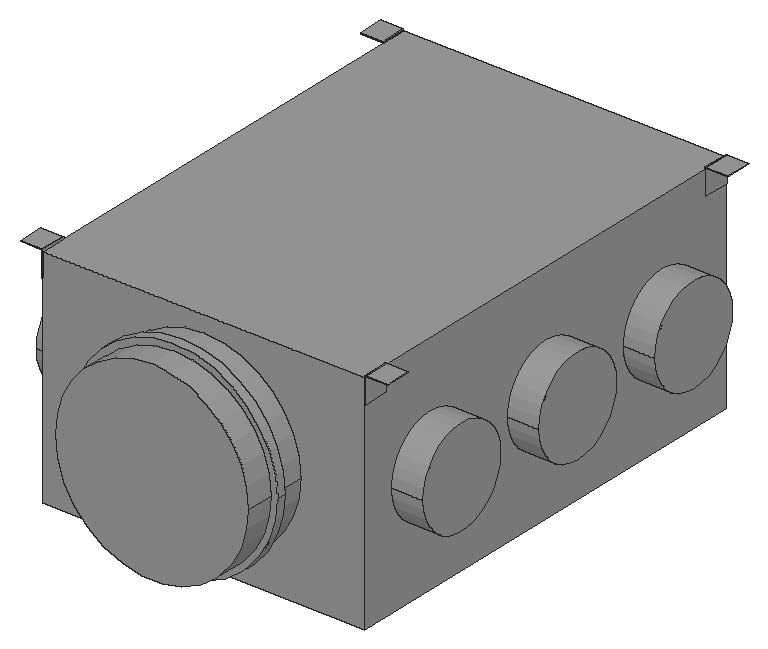
Revit family "FASU(F7-150 300Φ)", category ダクト付属品, Revit 2022
Family settings
  丸型コネクタ寸法 = 直径を使用
  パーツ タイプ = ダンパー
  OmniClass 番号 = 23.75.00.00
  OmniClass タイトル = Climate Control (HVAC)
  作業面ベース = いいえ
  常に垂直 = はい
  ロード時にボイドで切り取り = いいえ
  共有 = いいえ
Parameters
  高さ = 350 mm
  風量 = 0.0 L/s
  符号 = "FASU"
  形式 = "F7-150 300φ"
  幅 [instance] = 500 mm
  奥行き = 700 mm
  大きさ = 250 mm
  呼称 = "FASUチャンバー"
  付属品_下端レベル [instance] = 0 mm
  マテリアル [instance] = 既定値
  ダクト_イン = 300 mm
  ダクト_アウト = 150 mm
  既定の高さ = 0 mm
Reference planes
  plane 1 "中心(正面/背面)": y = 0
  plane 2: z = 0
  plane 3 "中心(左/右)": x = 0
  plane 4: x = -250
  plane 5: x = 250
  plane 6: y = -700
  plane 7: z = 350
  plane 8: z = 175
  plane 9: z = 266.963
  plane 10: z = 86.159
  plane 11: x = -251
  plane 12: z = 313.122
  plane 13: z = 352.122
  plane 14: y = -350
Forms (mm)
  Extrusion 1, solid, material "既定値" <- "マテリアル"
    sketch origin (0, 0, 0) x (1, 0, 0) y (0, 1, 0)
      loop
        line (-250, 0) -> (-250, -700) -> (250, -700) -> (250, 0) -> (-250, 0)
    from 0 to 350
  Extrusion 2, solid, material "既定値" <- "マテリアル"
    sketch origin (0, -30, 0) x (1, 0, 0) y (0, 1, 0)
      loop
        line (-250, 30) -> (-251, 30) -> (-251, -10) -> (-250, -10) -> (-250, 30)
    from 313.122 to 350
  Extrusion 3, solid, material "既定値" <- "マテリアル"
    sketch origin (0, -30, 0) x (1, 0, 0) y (0, 1, 0)
      loop
        line (-285, 30) -> (-285, -10) -> (-251, -10) -> (-251, 30) -> (-285, 30)
    from 352.122 to 350
  Extrusion 4, solid, material "既定値" <- "マテリアル"
    sketch origin (0, -30, 0) x (-1, 0, 0) y (0, -1, 0)
      loop
        line (-250, -30) -> (-250, 10) -> (-251, 10) -> (-251, -30) -> (-250, -30)
    from 313.122 to 353.122
  Extrusion 5, solid, material "既定値" <- "マテリアル"
    sketch origin (0, -30, 0) x (-1, 0, 0) y (0, -1, 0)
      loop
        line (-285, -30) -> (-251, -30) -> (-251, 10) -> (-285, 10) -> (-285, -30)
    from 352.122 to 353.122
  Extrusion 6, solid, material "既定値" <- "マテリアル"
    sketch origin (0, -490, 0) x (1, 0, 0) y (0, 1, 0)
      loop
        line (-285, -170) -> (-285, -210) -> (-251, -210) -> (-251, -170) -> (-285, -170)
    from 352.122 to 353.122
  Extrusion 7, solid, material "既定値" <- "マテリアル"
    sketch origin (0, -490, 0) x (1, 0, 0) y (0, 1, 0)
      loop
        line (-250, -170) -> (-251, -170) -> (-251, -210) -> (-250, -210) -> (-250, -170)
    from 313.122 to 353.122
  Extrusion 8, solid, material "既定値" <- "マテリアル"
    sketch origin (0, -490, 0) x (-1, 0, 0) y (0, -1, 0)
      loop
        line (-285, 170) -> (-251, 170) -> (-251, 210) -> (-285, 210) -> (-285, 170)
    from 352.122 to 353.122
  Extrusion 9, solid, material "既定値" <- "マテリアル"
    sketch origin (0, -490, 0) x (-1, 0, 0) y (0, -1, 0)
      loop
        line (-250, 170) -> (-250, 210) -> (-251, 210) -> (-251, 170) -> (-250, 170)
    from 313.122 to 353.122
  Extrusion 10, solid, material "既定値" <- "マテリアル"
    sketch origin (550, -582.5, 0) x (0, -1, 0) y (0, 0, -1)
      loop
        circle (-232.5, -175) r 74.985
    from -300 to -250
  Extrusion 11, solid, material "既定値" <- "マテリアル"
    sketch origin (-550, -582.5, 0) x (0, -1, 0) y (0, 0, 1)
      loop
        circle (-232.5, 175) r 74.985
    from -300 to -250
  Extrusion 12, solid, material "既定値" <- "マテリアル"
    sketch origin (0, -700, 0) x (1, 0, 0) y (0, 0, 1)
      loop
        circle (0, 175) r 150
    from 0 to 42.5
  Extrusion 13, solid, material "既定値" <- "マテリアル"
    sketch origin (0, -743, 0) x (1, 0, 0) y (0, 0, 1)
      loop
        circle (0, 175) r 160
    from -0.5 to 14.5
  Extrusion 14, solid, material "既定値" <- "マテリアル"
    sketch origin (0, -757.5, 0) x (1, 0, 0) y (0, 0, 1)
      loop
        circle (0, 175) r 150
    from 0 to 42.5
  Extrusion 15, solid, material "既定値" <- "マテリアル"
    sketch origin (550, -357.5, 0) x (0, -1, 0) y (0, 0, -1)
      loop
        circle (-232.5, -175) r 74.985
    from -300 to -250
  Extrusion 16, solid, material "既定値" <- "マテリアル"
    sketch origin (-550, -357.5, 0) x (0, -1, 0) y (0, 0, 1)
      loop
        circle (-232.5, 175) r 74.985
    from -300 to -250
  Extrusion 17, solid, material "既定値" <- "マテリアル"
    sketch origin (550, -142.5, 0) x (0, 1, 0) y (0, 0, 1)
      loop
        circle (-432.5, 175) r 74.985
    from -300 to -250
  Extrusion 18, solid, material "既定値" <- "マテリアル"
    sketch origin (0, -142.5, 0) x (0, 1, 0) y (0, 0, 1)
      loop
        circle (-432.5, 175) r 74.985
    from -300 to -250
  Extrusion 19, solid, material "既定値" <- "マテリアル"
    sketch origin (232.5, 300, 0) x (1, 0, 0) y (0, 0, -1)
      loop
        circle (-232.5, -175) r 74.985
    from -300 to -250
Lines and regions (mm)
  model lines
    curve 1: line (-250, -30, 0) -> (250, -30, 0)
    curve 2: line (-250, -670, 0) -> (250, -670, 0)
Text (mm)
  text "FASU(F7-150 300Φ)" at (3.713, -630.412, 0), in view "参照レベル"
Dimensions and locks
  equal spacing: plane 4, plane 3 "中心(左/右)", plane 5
  "幅": plane 4 to plane 5
  "奥行き": plane 6 to plane 1 "中心(正面/背面)"
  "高さ": plane 7 to level
  equal spacing: plane 7, plane 8, level
  equal spacing: plane 6, plane 14, plane 1 "中心(正面/背面)"
  aligned and locked: level to plane 2
  aligned and locked: Extrusion 1 sketch curve to plane 5
  aligned and locked: plane 7 to Extrusion 1
  aligned and locked: Extrusion 2 sketch curve to Extrusion 1
  aligned and locked: plane 7 to Extrusion 2
  aligned and locked: Extrusion 3 sketch curve to Extrusion 2
  aligned and locked: Extrusion 2 to Extrusion 3 sketch curve
  aligned and locked: plane 7 to Extrusion 3
  aligned and locked: Extrusion 3 to plane 13
  aligned and locked: Extrusion 4 to Extrusion 5 sketch curve
  aligned and locked: Extrusion 5 sketch curve to Extrusion 4
  aligned and locked: Extrusion 1 to Extrusion 8
  aligned and locked: Extrusion 6 to Extrusion 1
  aligned and locked: Extrusion 7 to Extrusion 1
  aligned and locked: Extrusion 1 to Extrusion 9
  aligned and locked: Extrusion 9 to Extrusion 8
  aligned and locked: Extrusion 7 to Extrusion 6
  aligned and locked: plane 4 to Extrusion 7
  aligned and locked: Extrusion 9 to plane 5
  aligned and locked: plane 4 to curve 1
  aligned and locked: plane 5 to curve 1
  aligned and locked: plane 5 to curve 2
  aligned and locked: Extrusion 1 to Extrusion 3
  aligned and locked: Extrusion 5 to Extrusion 1
  aligned and locked: Extrusion 4 to plane 5
  aligned and locked: Extrusion 1 to plane 6
  aligned and locked: Extrusion 1 to plane 1 "中心(正面/背面)"
  aligned and locked: plane 6 to Extrusion 12
  aligned and locked: Extrusion 15 to plane 5
  aligned and locked: plane 4 to Extrusion 16
  aligned and locked: Extrusion 17 to plane 5
  aligned and locked: plane 4 to Extrusion 18
Automatic sketch dimensions
  curve 2 to plane 4 = 0 mm
  plane 6 to curve 2 = 30 mm
  plane 1 "中心(正面/背面)" to curve 1 = 30 mm
  Extrusion 1 sketch curve to plane 4 = 0 mm
  Extrusion 1 sketch curve to plane 6 = 0 mm
  plane 1 "中心(正面/背面)" to Extrusion 1 sketch curve = 0 mm
  plane 1 "中心(正面/背面)" to Extrusion 2 sketch curve = 0 mm
  Extrusion 2 sketch curve to plane 11 = 0 mm
  Extrusion 2 sketch curve to Extrusion 2 sketch curve = 40 mm
  plane 1 "中心(正面/背面)" to Extrusion 3 sketch curve = 0 mm
  Extrusion 3 sketch curve to Extrusion 3 sketch curve = 34 mm
  plane 1 "中心(正面/背面)" to Extrusion 4 sketch curve = 0 mm
  Extrusion 4 sketch curve to plane 5 = 0 mm
  Extrusion 4 sketch curve to Extrusion 4 sketch curve = 1 mm
  Extrusion 4 sketch curve to Extrusion 4 sketch curve = 40 mm
  plane 1 "中心(正面/背面)" to Extrusion 5 sketch curve = 0 mm
  Extrusion 5 sketch curve to Extrusion 5 sketch curve = 34 mm
  Extrusion 6 sketch curve to plane 6 = 0 mm
  Extrusion 6 sketch curve to plane 11 = 0 mm
  Extrusion 6 sketch curve to plane 11 = 34 mm
  plane 6 to Extrusion 6 sketch curve = 40 mm
  Extrusion 7 sketch curve to plane 11 = 0 mm
  Extrusion 7 sketch curve to plane 4 = 0 mm
  Extrusion 7 sketch curve to plane 6 = 0 mm
  plane 6 to Extrusion 7 sketch curve = 40 mm
  Extrusion 8 sketch curve to plane 6 = 0 mm
  Extrusion 8 sketch curve to plane 5 = 35 mm
  Extrusion 8 sketch curve to plane 5 = 1 mm
  Extrusion 8 sketch curve to Extrusion 8 sketch curve = 40 mm
  Extrusion 9 sketch curve to plane 6 = 0 mm
  Extrusion 9 sketch curve to plane 5 = 0 mm
  Extrusion 9 sketch curve to Extrusion 9 sketch curve = 1 mm
  Extrusion 9 sketch curve to Extrusion 9 sketch curve = 40 mm
  Extrusion 10 sketch curve to plane 8 = 0 mm
  Extrusion 10 sketch curve to plane 14 = 0 mm
  Extrusion 11 sketch curve to plane 8 = 0 mm
  Extrusion 11 sketch curve to plane 14 = 0 mm
  Extrusion 12 sketch curve to plane 3 "中心(左/右)" = 0 mm
  Extrusion 12 sketch curve to plane 8 = 0 mm
  Extrusion 13 sketch curve to plane 3 "中心(左/右)" = 0 mm
  Extrusion 13 sketch curve to plane 8 = 0 mm
  Extrusion 14 sketch curve to plane 3 "中心(左/右)" = 0 mm
  Extrusion 14 sketch curve to plane 8 = 0 mm
  Extrusion 15 sketch curve to plane 8 = 0 mm
  plane 1 "中心(正面/背面)" to Extrusion 15 sketch curve = 125 mm
  Extrusion 16 sketch curve to plane 8 = 0 mm
  plane 1 "中心(正面/背面)" to Extrusion 16 sketch curve = 125 mm
  Extrusion 17 sketch curve to plane 8 = 0 mm
  plane 6 to Extrusion 17 sketch curve = 125 mm
  Extrusion 18 sketch curve to plane 8 = 0 mm
  plane 6 to Extrusion 18 sketch curve = 125 mm
  Extrusion 19 sketch curve to plane 3 "中心(左/右)" = 0 mm
  Extrusion 19 sketch curve to plane 8 = 0 mm
  radius of Extrusion 10 sketch curve = 74.985 mm
  radius of Extrusion 11 sketch curve = 74.985 mm
  radius of Extrusion 12 sketch curve = 150 mm
  radius of Extrusion 13 sketch curve = 160 mm
  radius of Extrusion 14 sketch curve = 150 mm
  radius of Extrusion 15 sketch curve = 74.985 mm
  radius of Extrusion 16 sketch curve = 74.985 mm
  radius of Extrusion 17 sketch curve = 74.985 mm
  radius of Extrusion 18 sketch curve = 74.985 mm
  radius of Extrusion 19 sketch curve = 74.985 mm
Connectors
  hvac at (-300, -575, 175), driven by "ダクト_アウト"
    settings: on Extrusion 18, index 1, duct flow 0.0 L/s, flow factor 0, pres drop 0.0 Pa, loss coef 0, conn angle 0.00°, conn width 304.8 mm, conn height 304.8 mm, conn diameter 150 mm, duct sys type 29, conn prof type 0, flow config 0, flow direction 2, loss method 0, conn ref index -1, conn util no, is conn primary yes, conn desc ""
  hvac at (-300, -350, 175), driven by "ダクト_アウト"
    settings: on Extrusion 11, index 2, duct flow 0.0 L/s, flow factor 0, pres drop 0.0 Pa, loss coef 0, conn angle 0.00°, conn width 304.8 mm, conn height 304.8 mm, conn diameter 150 mm, duct sys type 29, conn prof type 0, flow config 0, flow direction 2, loss method 0, conn ref index -1, conn util no, is conn primary no, conn desc ""
  hvac at (-300, -125, 175), driven by "ダクト_アウト"
    settings: on Extrusion 16, index 3, duct flow 0.0 L/s, flow factor 0, pres drop 0.0 Pa, loss coef 0, conn angle 0.00°, conn width 304.8 mm, conn height 304.8 mm, conn diameter 150 mm, duct sys type 29, conn prof type 0, flow config 0, flow direction 2, loss method 0, conn ref index -1, conn util no, is conn primary no, conn desc ""
  hvac at (0, 50, 175), driven by "ダクト_アウト"
    settings: on Extrusion 19, index 4, duct flow 0.0 L/s, flow factor 0, pres drop 0.0 Pa, loss coef 0, conn angle 0.00°, conn width 304.8 mm, conn height 304.8 mm, conn diameter 150 mm, duct sys type 29, conn prof type 0, flow config 0, flow direction 2, loss method 0, conn ref index -1, conn util no, is conn primary no, conn desc ""
  hvac at (300, -125, 175), driven by "ダクト_アウト"
    settings: on Extrusion 15, index 5, duct flow 0.0 L/s, flow factor 0, pres drop 0.0 Pa, loss coef 0, conn angle 0.00°, conn width 304.8 mm, conn height 304.8 mm, conn diameter 150 mm, duct sys type 29, conn prof type 0, flow config 0, flow direction 2, loss method 0, conn ref index -1, conn util no, is conn primary no, conn desc ""
  hvac at (300, -350, 175), driven by "ダクト_アウト"
    settings: on Extrusion 10, index 6, duct flow 0.0 L/s, flow factor 0, pres drop 0.0 Pa, loss coef 0, conn angle 0.00°, conn width 304.8 mm, conn height 304.8 mm, conn diameter 150 mm, duct sys type 29, conn prof type 0, flow config 0, flow direction 2, loss method 0, conn ref index -1, conn util no, is conn primary no, conn desc ""
  hvac at (300, -575, 175), driven by "ダクト_アウト"
    settings: on Extrusion 17, index 7, duct flow 0.0 L/s, flow factor 0, pres drop 0.0 Pa, loss coef 0, conn angle 0.00°, conn width 304.8 mm, conn height 304.8 mm, conn diameter 150 mm, duct sys type 29, conn prof type 0, flow config 0, flow direction 2, loss method 0, conn ref index -1, conn util no, is conn primary no, conn desc ""
  hvac at (0, -800, 175), driven by "ダクト_イン"
    settings: on Extrusion 14, index 8, duct flow 0.0 L/s, flow factor 0, pres drop 0.0 Pa, loss coef 0, conn angle 0.00°, conn width 304.8 mm, conn height 304.8 mm, conn diameter 300 mm, duct sys type 1, conn prof type 0, flow config 0, flow direction 1, loss method 0, conn ref index -1, conn util no, is conn primary no, conn desc ""
